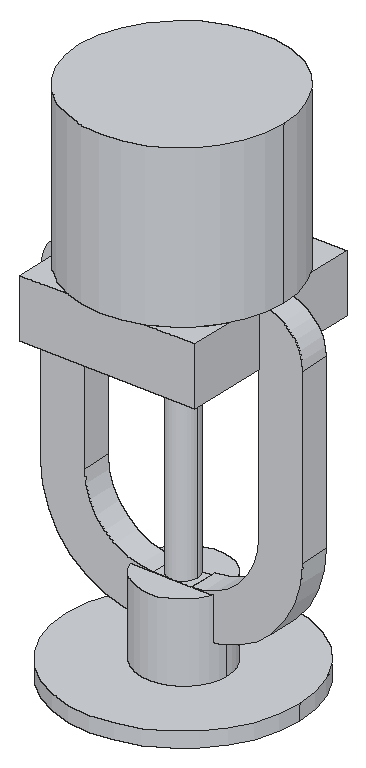
Revit family
Parameters (values of type "RASCO F156-300 PENDENT")
  Temperature Rating = 155 °F
  Response = (empty or 0)
  RASCO SIN # = "RA2514"
  RASCO Part # = "F56P1W3"
  Pressure Rating = "300 PSI"
  Pressure Class = 1
  Orifice Size = 1/2"
  Orifice = (empty or 0)
  Model = "F156-300"
  Manufacturer = "RASCO"
  K-Factor = 5.6
  Description = "White Finish"
  Coverage = (empty or 0)
Reference planes (in)
  plane 1 "Center (Front/Back)": y = 0
  plane 2: z = 0
  plane 3 "Center (Left/Right)": x = 0
Dimensions and locks (in)
  aligned and locked: plane 2 to level
Nested families (in)
  nested 1: "F56P1W3" at (-0.0113, 0, 2.4375) x (-1, 0, 0) z (0, 0, -1), type "RASCO F156-300 PENDENT"
Connectors (in)
  piping at (-0.0113, 0, 2.4375)
    settings: on nested 1, index 1, connector radius 55/128", flow factor 0, pipe flow 0 GPM, pressure drop 0.00 psi, fitting loss kfactor 0, connector angle 0.00°, fixture units 0, flow configuration 0, flow direction 0, fitting loss method 0, system type 7, connector reference index -1, connector utility 0, adjustable connector no, is connector primary yes, fitting loss table "", connector description ""
Definition of nested family "F56P1W3"
  Parameters (values of type "RASCO F156-300 PENDENT")
    Type Comments = ""
    Temperature Rating = 0 °F
    Response = (empty or 0)
    Pressure Rating = "0"
    Pressure Class = (empty or 0)
    Orifice Size = 0"
    Orifice = (empty or 0)
    Model = ""
    Manufacturer = ""
    K-Factor = 0
    Description = ""
    Coverage = (empty or 0)
    Assembly Code = ""
  Reference planes (in)
    plane 1 "Center (Front/Back)": y = 0
    plane 2: z = 0
    plane 3 "ref.2": z = 0.6875
    plane 4 "ref.3": z = 0.9375
    plane 5: x = -0.38065
    plane 6: x = 0.36935
    plane 7 "ref. side 1": y = 0.06402
    plane 8 "ref. side 2": y = -0.06098
    plane 9 "ref.4": z = 1.875
    plane 10 "ref.5": z = 2.3125
    plane 11 "ref.6": z = 2.4375
  Forms (in)
    Extrusion 1, solid
      sketch origin (0, 0, 0) x (1, 0, 0) y (0, 1, 0)
        loop
          circle (0, 0) r 0.4379
      from 0 to 0.6875
    Extrusion 2, solid
      sketch origin (-0.12185, 0.05177, 0.6875) x (1, 0, 0) y (0, 1, 0)
        loop
          line (-0.2588, 0.356) -> (-0.2588, -0.4565) -> (0.4912, -0.4565) -> (0.4912, 0.356) -> (-0.2588, 0.356)
      from 0 to 0.25
    Extrusion 3, solid
      sketch origin (0, 0, 0) x (1, 0, 0) y (0, 0, 1)
        loop
          line (-0.38065, 0.68754) -> (-0.38065, 1.58397)
          arc (-0.38065, 1.58397) -> (-0.29541, 1.78976) -> (-0.08962, 1.875) r 0.29103
          line (-0.08962, 1.875) -> (0.07524, 1.875)
          arc (0.07524, 1.875) -> (0.28321, 1.78886) -> (0.36935, 1.58089) r 0.29411
          line (0.36935, 1.58089) -> (0.36935, 0.68751)
          arc (0.36935, 0.68751) -> (0.50207, 0.74393) -> (0.55685, 0.87734) r 0.18984
          line (0.55685, 0.87734) -> (0.55685, 1.61676)
          arc (0.55685, 1.61676) -> (0.42629, 1.93194) -> (0.11111, 2.0625) r 0.44574
          line (0.11111, 2.0625) -> (-0.12259, 2.0625)
          arc (-0.12259, 2.0625) -> (-0.43765, 1.932) -> (-0.56815, 1.61694) r 0.44556
          line (-0.56815, 1.61694) -> (-0.56815, 0.87876)
          arc (-0.56815, 0.87876) -> (-0.51345, 0.74486) -> (-0.38065, 0.68754) r 0.19126
      from -0.06402 to 0.06098
    Extrusion 4, solid
      sketch origin (0, 0, 0.9375) x (-1, 0, 0) y (0, -1, 0)
        loop
          circle (0.00574, -0.00152) r 0.0625
      from 0 to 0.9375
    Extrusion 5, solid
      sketch origin (0, 0, 1.875) x (-1, 0, 0) y (0, -1, 0)
        loop
          circle (0.00574, -0.00152) r 0.1875
      from 0 to 0.4375
    Extrusion 6, solid
      sketch origin (0, 0, 2.3125) x (0, -1, 0) y (1, 0, 0)
        loop
          circle (-0.00152, -0.00574) r 0.5
      from -0.10531 to -0.03987
  Cuts and joins
    joined: Extrusion 1, Extrusion 2, Extrusion 4
  Lines and regions (in)
    model lines
      curve 1: line (-0.00574, 0.06402, 1.875) -> (-0.00574, -0.06098, 1.875)
